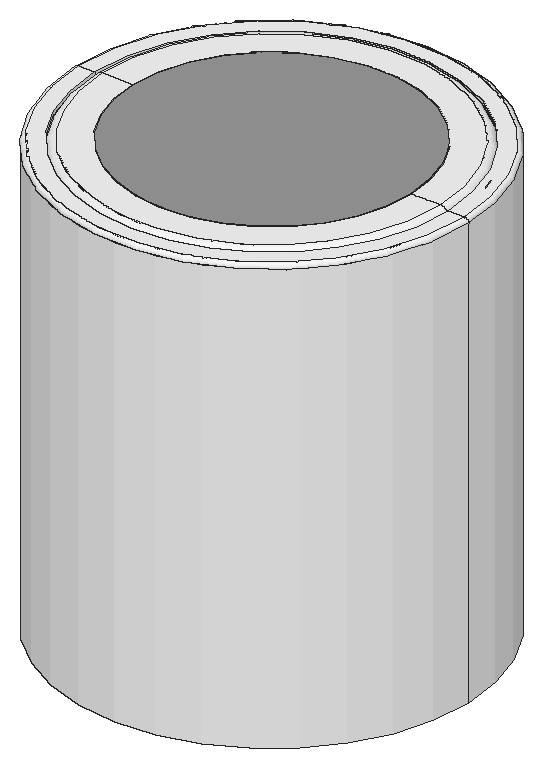
Revit family "3098178 Lighting Fixture_Sylvania_Insaver LED II 150 LO_Surface Mounted", category Lighting Fixtures, host Face, Revit 2017
Family settings
  Host = Face
  Round Connector Dimension = Use Diameter
  Part Type = Normal
  OmniClass Number = 23.80.70.11.17
  OmniClass Title = Specialized Lighting by Location or Use
  Cut with Voids When Loaded = No
  Light Source = Yes
  Shared = No
  Room Calculation Point = No
Parameters (values of type "Insaver LED II 150 High Output WW DALI Surface Mounted")
  Ta Rating = "0°C to 55°C"  # constant formula
  Reflector Material = Metal_Sylvania_Insaver LED II_Polished
  LOR = "100%"  # constant formula
  IP Rating = "IP23 (44 with accessory)"  # constant formula
  Height = 208.0 mm
  Glare Control = "UGR <19 (using accessory)"  # constant formula
  Energy Class = "A++,A+,A"  # constant formula
  Weight = 0 kg
  Wattage = 21.5258 W
  built-in parameter 1150110 = 1 (stored number, unit not read)
  Voltage Comments = "UNV (Universal Voltage; 220-240 Volt)"  # constant formula
  Voltage = 230 V  # constant formula
  URL = "http://www.sylvania-lighting.com"
  built-in parameter 1114217 = 1 (stored number, unit not read)
  Tilt Angle = -90°
  built-in parameter 1150109 = 1 (stored number, unit not read)
  built-in parameter 1150134 = (empty or 0)
  built-in parameter 1150113 = 1 (stored number, unit not read)
  Product Page URL = "http://www.sylvania-lighting.com/product/en-int/products/3098178"
  Product Family = "INSAVER LED II 150 Surface Mounted"  # constant formula
  Photometry Comments = ""
  Photometric Web File = "3098178_InsaverLEDII150HighOutputWWDALISurfaceMounted-202244.ies"
  Life = "50 000 h"  # constant formula
  Emit from Circle Diameter = Diffuser Diameter  # 133.0 mm
  Emit Shape Visible in Rendering = no
  Drive Current = "900mA"  # constant formula
  Distribution type = "Direct - symmetrical"  # constant formula
  Diffuser Material = Glass_Sylvania_Insaver LED II_3000K
  Diffuser Diameter = Accessory Diameter - 36.0 mm  # 133.0 mm
  Colour consistency (SDCM) = "3 step"  # constant formula
  built-in parameter 1114216 [instance] = 1 (stored number, unit not read)
  Model = "Insaver LED II 150 High Output WW DALI Surface Mounted"
  Manufacturer = "Feilo Sylvania"
  built-in parameter 1150105 = 1479.6 (stored number, unit not read)
  Lumens = 2088 lm
  built-in parameter 1150115 = 1 (stored number, unit not read)
  built-in parameter 1150137 = (empty or 0)
  built-in parameter 1150139 = (empty or 0)
  built-in parameter 1150112 = 1 (stored number, unit not read)
  built-in parameter 1150114 = 1 (stored number, unit not read)
  Lamp Comments = "Integrated LED"  # constant formula
  Lamp = ""
  built-in parameter 1150132 = 2
  built-in parameter 1150102 = (empty or 0)
  built-in parameter 1150107 = 3000 (stored number, unit not read)
  built-in parameter 1150138 = (empty or 0)
  built-in parameter 1150106 = 14.796 (stored number, unit not read)
  CRI ( Ra ) = 80  # constant formula
  Body Material = Plastic_Sylvania_Insaver LED II_White
  built-in parameter 1150104 = 9.0116 (stored number, unit not read)
  Dimming Lamp Color Temperature Shift = <None>
  Description = "Circular LED downlight with up to 114lm/W efficacy and 2,400 luminaire lumen output. Innovative easy installation system allows for a rapid, single point installation. For 150mm cut outs. IP44 or UGR<19 compliant with additional accessories. 3 hour emergency and surface mounted versions available. Plus3 version includes Wieland GST connector."  # constant formula
  Default Elevation = 0.0 mm
  Color Filter = 16777215
  Catalog Number = "3098178 Insaver LED II 150 High Output WW DALI Surface Mounted"
  built-in parameter 1140040 [instance] = 1
  Radius = Diameter / 2  # 94.0 mm
  Diameter = 188.0 mm
  Beam Angle = 76°  # constant formula
  built-in parameter 1114218 = 1 (stored number, unit not read)
  built-in parameter 1150133 = 10 (stored number, unit not read)
  Assembly Code = "D5020200"
  Apparent Load Comments = ""
  Apparent Load = 22 VA
  Accessory Radius = Accessory Diameter / 2  # 84.5 mm
  Accessory Material = Plastic_Sylvania_Insaver LED II_White
  Accessory Diameter = Diameter - 19.0 mm  # 169.0 mm
Reference planes
  plane 1 "Center (Front/Back)": y = 0
  plane 2: z = 0
  plane 3 "Center (Left/Right)": x = 0
  plane 4: z = 202
  plane 5 "Fixture Bottom": z = 208
  plane 6: z = 205
  plane 7: z = 9.5
  plane 8: z = 148
Forms (mm)
  Revolve 1, solid, material "Plastic_Sylvania_Insaver LED II_White" <- "Accessory Material", detail levels fine
    sketch origin (0, 0, 206.916) x (1, 0, 0) y (0, 0, 1)
      loop
        line (-84.5, -4.916) -> (-66.5, -4.916) -> (-66.5, 1.084) -> (-80.5, 1.084)
        arc (-80.5, 1.084) -> (-83.328, -0.088) -> (-84.5, -2.916) r 4
        line (-84.5, -2.916) -> (-84.5, -4.916)
      axis (0, 1.084) -> (0, -4.916)
    angle from 0 to 360
  Extrusion 2, solid, material "Glass_Sylvania_Insaver LED II_3000K" <- "Diffuser Material", detail levels fine
    sketch origin (0, 0, 206.916) x (1, 0, 0) y (0, 1, 0)
      loop
        circle (0, 0) r 66.5
    from -4.916 to 1.084
  Extrusion 3, solid, material "Plastic_Sylvania_Insaver LED II_White" <- "Body Material", detail levels fine
    sketch origin (0, 0, 0) x (1, 0, 0) y (0, 1, 0)
      loop
        circle (0, 0) r 94
      loop
        circle (0, 0) r 84.5
    from 0 to 205
  Revolve 4, solid, material "Plastic_Sylvania_Insaver LED II_White" <- "Body Material", detail levels fine
    sketch origin (0, 0, 0) x (1, 0, 0) y (0, 0, 1)
      loop
        line (-94, 205) -> (-84.5, 205) -> (-84.5, 207) -> (-92, 207)
        arc (-92, 207) -> (-93.414, 206.414) -> (-94, 205) r 2
      axis (0, 207) -> (0, 205)
    angle from 0 to 360
  Extrusion 5, solid, material "Plastic_Sylvania_Insaver LED II_White" <- "Body Material", detail levels fine
    sketch origin (0, 0, 0) x (1, 0, 0) y (0, 1, 0)
      loop
        circle (0, 0) r 84.5
    from 0 to 9.5
  Revolve 6, solid, detail levels fine
    sketch origin (0, 0, 0) x (1, 0, 0) y (0, 0, 1)
      loop
        line (0, 148) -> (0, 150)
        arc (0, 150) -> (-48.672, 164.089) -> (-82.291, 202) r 91.113
        line (-82.291, 202) -> (-84.5, 202)
        arc (-84.5, 202) -> (-50.14, 162.653) -> (0, 148) r 93.113
      axis (0, 202) -> (0, 148)
    angle from 0 to 360
  Extrusion 7, solid, material "Plastic_Sylvania_Insaver LED II_White" <- "Body Material", detail levels coarse+medium
    sketch origin (0, 0, 0) x (1, 0, 0) y (0, 1, 0)
      loop
        circle (0, 0) r 94
    from 0 to 208
Cuts and joins
  joined: Extrusion 3, Revolve 4, Extrusion 5
Lines and regions (mm)
  Masking region 1
    outline origin (0, 0, 0) x (1, 0, 0) y (0, 1, 0)
      loop
        circle (0, 0) r 94
  symbolic lines, detail levels fine
    curve 1: arc (66.5, 0, 0) -> (0, 66.5, 0) -> (-66.5, 0, 0) r 66.5
    curve 2: arc (-66.5, 0, 0) -> (0, -66.5, 0) -> (66.5, 0, 0) r 66.5
Dimensions and locks
  locked: Revolve 1 sketch curve to Revolve 1 sketch curve at 18
  "Accessory Radius": plane 3 "Center (Left/Right)" to Revolve 1 sketch curve
  locked: Revolve 1 sketch curve to plane 4 at 2
  plane 5 "Fixture Bottom" to plane 6 to plane 4 to plane 8 = 3.0 mm locked, 3.0 mm locked, 54.0 mm locked
  "Height": plane 5 "Fixture Bottom" to plane 2
  locked: Revolve 4 sketch curve to plane 6 at 2
  locked: plane 7 to plane 2 at 9.5
  "Radius": plane 3 "Center (Left/Right)" to Revolve 4 sketch curve
  locked: Revolve 4 sketch curve to Revolve 4 sketch curve at 9.5
  "Accessory Radius": plane 3 "Center (Left/Right)" to Revolve 6 sketch curve
  locked: Revolve 6 sketch curve to Revolve 6 sketch curve at 2.209
  locked: Revolve 6 sketch curve to plane 8 at 2
  "Diffuser Diameter": diameter of Extrusion 2 sketch curve
  "Diameter": diameter of Extrusion 3 sketch curve
  "Accessory Diameter": diameter of Extrusion 3 sketch curve
  "Accessory Diameter": diameter of Extrusion 5 sketch curve
  "Diameter": diameter of Extrusion 7 sketch curve
  aligned and locked: plane 2 to host face
  aligned and locked: level to host face
  aligned and locked: imposter light to plane 1 "Center (Front/Back)"
  aligned and locked: plane 4 to Revolve 1 sketch curve
  aligned and locked: Revolve 1 sketch curve to plane 3 "Center (Left/Right)"
  aligned and locked: plane 4 to Extrusion 2
  aligned and locked: Extrusion 2 to plane 5 "Fixture Bottom"
  aligned and locked: Extrusion 3 to plane 6
  aligned and locked: Extrusion 3 to plane 2
  aligned and locked: Revolve 4 sketch curve to plane 3 "Center (Left/Right)"
  aligned and locked: plane 5 "Fixture Bottom" to Revolve 1 sketch curve
  aligned and locked: plane 6 to Revolve 4 sketch curve
  aligned and locked: Extrusion 5 to plane 2
  aligned and locked: Extrusion 5 to plane 7
  aligned and locked: imposter light to plane 3 "Center (Left/Right)"
  aligned and locked: imposter light to plane 5 "Fixture Bottom"
  aligned and locked: Revolve 6 sketch curve to imposter light
  aligned and locked: Revolve 6 sketch curve to plane 4
  aligned and locked: imposter light to Revolve 6 sketch curve
  aligned and locked: Extrusion 7 to plane 5 "Fixture Bottom"
  aligned and locked: Extrusion 7 to plane 2
  aligned and locked: Masking region 1 sketch curve to Extrusion 7  (x2)
  aligned and locked: curve 1 to Extrusion 2
  aligned and locked: curve 2 to Extrusion 2
Automatic sketch dimensions
  host sketch curve to host sketch curve = 1040.406 mm
  host sketch curve to host sketch curve = 988.385 mm
  plane 4 to Revolve 1 sketch curve = 23.903 mm
  Revolve 1 sketch curve to plane 5 "Fixture Bottom" = 38.423 mm
  plane 1 "Center (Front/Back)" to Extrusion 2 sketch curve = 0.0 mm
  Extrusion 2 sketch curve to plane 3 "Center (Left/Right)" = 0.0 mm
  Extrusion 3 sketch curve to Extrusion 3 sketch curve = 0.0 mm  (x2)
  plane 1 "Center (Front/Back)" to Extrusion 3 sketch curve = 0.0 mm
  Extrusion 3 sketch curve to plane 3 "Center (Left/Right)" = 0.0 mm
  Revolve 4 sketch curve to plane 5 "Fixture Bottom" = 23.931 mm
  Revolve 4 sketch curve to Revolve 4 sketch curve = 16.615 mm
  plane 1 "Center (Front/Back)" to Extrusion 5 sketch curve = 0.0 mm
  Extrusion 5 sketch curve to plane 3 "Center (Left/Right)" = 0.0 mm
  Revolve 6 sketch curve to Revolve 6 sketch curve = 0.0 mm
  plane 4 to Revolve 6 sketch curve = 22.636 mm
  Revolve 6 sketch curve to Revolve 6 sketch curve = 1.749 mm
  plane 1 "Center (Front/Back)" to Extrusion 7 sketch curve = 0.0 mm
  Extrusion 7 sketch curve to plane 3 "Center (Left/Right)" = 0.0 mm
Connectors
  electrical at (0, 0, 0), driven by "Voltage", driven by "Apparent Load"
    settings: on cut or joined group of Extrusion 3, Revolve 4, Extrusion 5, index 1, voltage 230 V, apparent load 0 VA, apparent load phase1 22 VA, apparent load phase2 0 VA, apparent load phase3 0 VA, power factor 1, load classification "Lighting", number of poles 1, system type 31, power factor state 1, is connector primary yes, connector utility no, sub classification motor no, connector description ""
